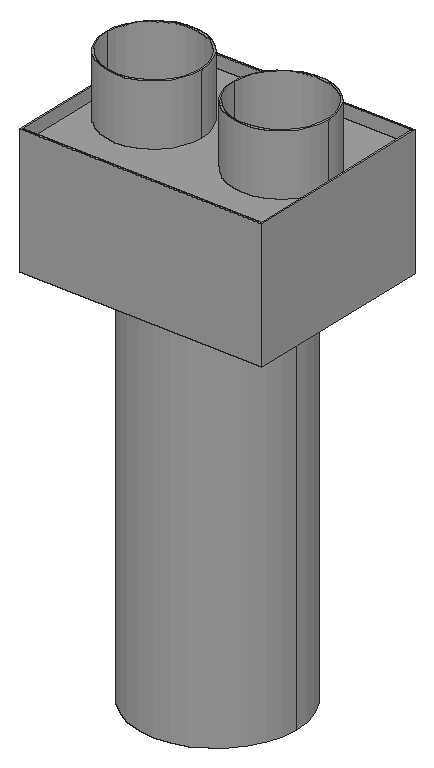
Revit family "CADS_AIRFLOWdev_AirflexPro_Round_StraightCeilingOutlet_Extract", category Duct Fittings, Revit 2015
Parameters
  f3 [instance] = f - f2  # 0.0 L/s
  f2 [instance] = 0.0 L/s
  f [instance] = 0.0 L/s
  WorkingPressure = 3000.0 Pa
  WeeklyMaintenance = "N/A"
  WarrantyStartDate [instance] = "1900-12-31T23:59:161"
  WarrantyPeriod = "0"
  WarrantyIdentifier = "N/A"
  WarrantyGuarantorParts = "info@airflow.com"
  WarrantyGuarantorLabor = "info@airflow.com"
  WarrantyGuarantor = "Airflow Developments Ltd"
  WarrantyEndDate [instance] = "1900-12-31T23:59:161"
  WarrantyContent = "N/A"
  Uniclass2015 = "Pr_30_59_96_92:Ventilation ducts"
  TemperatureRange = "up to 40°C"
  TagNumber [instance] = "N/A"
  SustainabilityPerformance = "N/A"
  Status = "New"
  Size = "445 x 200 x 150"
  ShippingWeight = 1.44 kg
  Shape = "Other"
  ServiceLifeType = "EXPECTEDSERVICELIFE"
  ServiceLifeDuration = "10"
  SerialNumber [instance] = "N/A"
  SAPApproval = yes
  RunID = "0"
  ReplacementCost = "79.104"
  Reinforcement = "N/A"
  RedDotDesignAward = no
  QuarterlyMaintenance = "N/A"
  Quantity = 1
  ProductionYear = "2017"
  ProductLiterature = "https://www.airflow.com/pdf/Accessories.pdf#page=3"
  PointOfContact = "Airflow Developments Ltd"
  PassiveHouseApproval = no
  NominalWidth = 200 mm
  NominalLength = 445 mm
  NominalHeight = 150 mm
  NBSCode = "45-80-50/394 Ventilation ducts"
  MonthlyMaintenance = "N/A"
  ModelReference [instance] = "9041141"
  ModelLabel [instance] = "Round straight ceiling/wall plenum"
  Material = "Steel"
  ManufacturerWebsite = "www.airflow.com"
  ManufacturerTelephone = "01494 525252"
  ManufacturerE-Mail = "info@airflow.com"
  ManufacturerAddress = "Aidelle House\nLancaster Road\nCressex Business Park\nHigh Wycombe\nBucks\nHP123QP"
  Manufacturer = "Airflow Developments Ltd"
  MaintenanceRequired8001to12000hrs = "N/A"
  MaintenanceRequired601to1000hrs = "N/A"
  MaintenanceRequired4001to8000hrs = "N/A"
  MaintenanceRequired301to600hrs = "N/A"
  MaintenanceRequired2001to4000hrs = "N/A"
  MaintenanceRequired1001to2000hrs = "N/A"
  MaintenanceRequired0to300hrs = "N/A"
  LongitudinalSeam = "None"
  IsExtendedWarranty = no
  InstallationDate [instance] = "1900-12-31T23:59:161"
  ISO90001 = yes
  ISO140001 = yes
  GrossWeight = 1.20 kg
  Grade = "Stainless"
  GlobalTradeItemNumber [instance] = "5019009305752"
  Fitting Type = "Ignore"
  FireControlPanelLinks = no
  Finish = "Lacquer"
  Features = "Round straight ceiling/wall plenum"
  ExpectedServiceLife = 10
  Exclusions = "N/A"
  DurationUnit = "Year"
  DailyMaintenance = "N/A"
  Constituents = "Round straight ceiling/wall plenum"
  Color = "Silver"
  CodePerformance = "N/A"
  CEApproval = yes
  CADS_Index = 0
  BespokeTimeFrameMaintenance = "N/A"
  AssetType = "FIXED"
  AssetIdentifier [instance] = "N/A"
  AssemblyPlace = "UNKNOWN"
  ArticleNumber [instance] = "N/A"
  AnnualMaintenance = "N/A"
  AirflowRateRange = 18.0 L/s
  AdjustableLengthCheck [instance] = if(AdjustableLength > 310 mm, 310 mm, AdjustableLength)  # 310 mm
  AdjustableLength [instance] = 310 mm
  AccessibilityPerformance = "N/A"
  AF_Body = AF_Grey
  6MonthlyMaintenance = "Visually inspect system, clean the fan and ducting if necessary"
Reference planes
  plane 1 "Center (Front/Back)": y = 0
  plane 2: z = 0
  plane 3 "Center (Left/Right)": x = 0
  plane 4: y = -147.5
  plane 5: y = -106
  plane 6: x = -95
  plane 7: x = 95
  plane 8 "CL Spigot": z = 350.5
  plane 9: z = 310
  plane 10 "top": z = 391
Forms (mm)
  Extrusion 1, solid, material "AF_Grey" <- "AF_Body"
    sketch origin (0, 0, 350.5) x (-1, 0, 0) y (0, -1, 0)
      loop
        line (-95, -75) -> (95, -75) -> (95, 75) -> (-95, 75) -> (-95, -75)
    from -40.5 to 40.5
  Extrusion 2, solid, material "AF_Grey" <- "AF_Body"
    sketch origin (0, 0, 350.5) x (-1, 0, 0) y (0, -1, 0)
      loop
        circle (0, 0) r 62.5
      loop
        circle (0, 0) r 61.5
    from -350.5 to 0
  Extrusion 3, solid, material "AF_Grey" <- "AF_Body"
    sketch origin (-9.062, 357.081, 391) x (-1, 0, 0) y (0, -1, 0)
      loop
        circle (40.938, 357.081) r 38
      loop
        circle (-59.062, 357.081) r 38
    from 48 to 0
  Extrusion 4, void
    sketch origin (-9.062, 357.081, 391) x (-1, 0, 0) y (0, -1, 0)
      loop
        circle (40.938, 357.081) r 37
      loop
        circle (-59.062, 357.081) r 37
    from 48 to 1
  Sweep 5, solid, material "AF_Grey" <- "AF_Body"
    path in 3D
      loop
        line (95, -75, 391) -> (95, 75, 391) -> (-95, 75, 391) -> (-95, -75, 391) -> (95, -75, 391)
    profile origin (0, -75, 391) x (0, 1, 0) y (0, 0, 1)
      loop
        line (0, 0) -> (1, 0) -> (1, 10) -> (0, 10) -> (0, 0)
      loop
        line (0, -81) -> (0, -91) -> (1, -91) -> (1, -81) -> (0, -81)
Cuts and joins
  joined: Extrusion 1, Extrusion 2, Sweep 5
  Extrusion 4 cuts Extrusion 3
Lines and regions (mm)
  sketch lines
    curve 1: line (-95, -75, 391) -> (95, -75, 391)
    curve 2: line (-95, 75, 391) -> (-95, -75, 391)
    curve 3: line (95, 75, 391) -> (-95, 75, 391)
    curve 4: line (95, -75, 391) -> (95, 75, 391)
Dimensions and locks
  plane 10 "top" to plane 8 "CL Spigot" to plane 9 = 40.5 mm locked, 40.5 mm locked
  equal spacing: Extrusion 3 sketch curve, plane 3 "Center (Left/Right)", Extrusion 3 sketch curve
  "AdjustableLengthCheck": plane 9 to plane 2
  Extrusion 3 sketch curve to plane 3 "Center (Left/Right)" to Extrusion 3 sketch curve = 50 mm, 50 mm
  aligned and locked: level to plane 2
  aligned and locked: level to Extrusion 2
  aligned and locked: Extrusion 2 to plane 8 "CL Spigot"
Automatic sketch dimensions
  Extrusion 2 sketch curve to Extrusion 2 sketch curve = 0 mm  (x2)
  plane 1 "Center (Front/Back)" to Extrusion 2 sketch curve = 0 mm
  Extrusion 2 sketch curve to plane 3 "Center (Left/Right)" = 0 mm
  Extrusion 1 sketch curve to plane 7 = 0 mm
  Extrusion 1 sketch curve to plane 6 = 0 mm
  Extrusion 1 sketch curve to plane 1 "Center (Front/Back)" = 75 mm
  plane 5 to Extrusion 1 sketch curve = 31 mm
  plane 4 to Extrusion 3 sketch curve = 147.5 mm
  Extrusion 3 sketch curve to Extrusion 3 sketch curve = 0 mm
  Sweep 5 sketch curve to profile plane = 0 mm  (x3)
  Sweep 5 sketch curve to profile plane = 1 mm  (x2)
  Sweep 5 sketch curve to profile plane = 81 mm
  Sweep 5 sketch curve to Sweep 5 sketch curve = 10 mm
  profile plane to Sweep 5 sketch curve = 10 mm
  radius of Extrusion 2 sketch curve = 62.5 mm
  radius of Extrusion 2 sketch curve = 61.5 mm
  radius of Extrusion 4 sketch curve to Extrusion 3 = 1 mm  (x2)
  radius of Extrusion 3 sketch curve = 38 mm  (x2)
Connectors
  hvac at (0, 0, 0), driven by "f"
    settings: on cut or joined group of Extrusion 1, Extrusion 2, Sweep 5, index 1, duct flow 0.0 L/s, flow factor 0, pres drop 0.0 Pa, loss coef 0, conn angle 0.00°, conn width 304.8 mm, conn height 304.8 mm, conn diameter 125 mm, duct sys type 2, conn prof type 0, flow config 0, flow direction 1, loss method 0, conn ref index -1, conn util no, is conn primary yes, conn desc ""
  hvac at (-50, 0, 392), driven by "f2"
    settings: on cut or joined group of Extrusion 3, Extrusion 4, index 2, duct flow 0.0 L/s, flow factor 0, pres drop 0.0 Pa, loss coef 0, conn angle 0.00°, conn width 304.8 mm, conn height 304.8 mm, conn diameter 75 mm, duct sys type 2, conn prof type 0, flow config 0, flow direction 2, loss method 0, conn ref index -1, conn util no, is conn primary no, conn desc ""
  hvac at (50, 0, 392), driven by "f3"
    settings: on cut or joined group of Extrusion 3, Extrusion 4, index 4, duct flow 0.0 L/s, flow factor 0, pres drop 0.0 Pa, loss coef 0, conn angle 0.00°, conn width 304.8 mm, conn height 304.8 mm, conn diameter 75 mm, duct sys type 2, conn prof type 0, flow config 0, flow direction 2, loss method 0, conn ref index -1, conn util no, is conn primary no, conn desc ""
